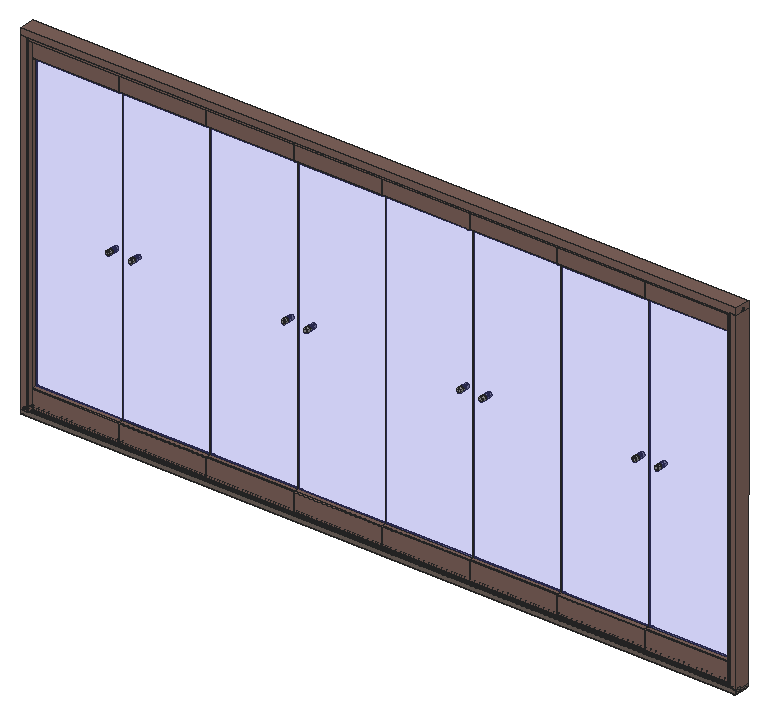
Revit family "FL8L 2385 LH", category Doors, host Wall, Revit 2015 (continued)
Automatic sketch dimensions
  plane 5 to Revolve 27 sketch curve = 1190.5 mm
  Revolve 27 sketch curve to Revolve 27 sketch curve = 0 mm  (x4)
  Revolve 27 sketch curve to Revolve 27 sketch curve = 14 mm
  Revolve 28 sketch curve to host wall = 0 mm
  Revolve 28 sketch curve to host wall = 5 mm
  Revolve 28 sketch curve to Revolve 28 sketch curve = 5 mm
  Revolve 28 sketch curve to Revolve 28 sketch curve = 3 mm
  host wall to Revolve 28 sketch curve = 16 mm
  Revolve 28 sketch curve to Revolve 28 sketch curve = 1 mm  (x2)
  plane 5 to Revolve 28 sketch curve = 1190.5 mm
  Revolve 28 sketch curve to Revolve 28 sketch curve = 0 mm  (x4)
  Revolve 28 sketch curve to Revolve 28 sketch curve = 14 mm
  Revolve 29 sketch curve to host wall = 0 mm
  Revolve 29 sketch curve to host wall = 5 mm
  Revolve 29 sketch curve to Revolve 29 sketch curve = 5 mm
  Revolve 29 sketch curve to Revolve 29 sketch curve = 3 mm
  host wall to Revolve 29 sketch curve = 16 mm
  Revolve 29 sketch curve to Revolve 29 sketch curve = 1 mm  (x2)
  plane 5 to Revolve 29 sketch curve = 1190.5 mm
  Revolve 29 sketch curve to Revolve 29 sketch curve = 0 mm  (x4)
  Revolve 29 sketch curve to Revolve 29 sketch curve = 14 mm
  Revolve 30 sketch curve to host wall = 0 mm
  Revolve 30 sketch curve to host wall = 5 mm
  Revolve 30 sketch curve to Revolve 30 sketch curve = 5 mm
  Revolve 30 sketch curve to Revolve 30 sketch curve = 3 mm
  host wall to Revolve 30 sketch curve = 16 mm
  Revolve 30 sketch curve to Revolve 30 sketch curve = 1 mm  (x2)
  plane 5 to Revolve 30 sketch curve = 1190.5 mm
  Revolve 30 sketch curve to Revolve 30 sketch curve = 0 mm  (x4)
  Revolve 30 sketch curve to Revolve 30 sketch curve = 14 mm
  host wall to Extrusion 31 sketch curve = 20.5 mm  (x2)
  Extrusion 31 sketch curve to Extrusion 31 sketch curve = 5 mm  (x5)
  Extrusion 31 sketch curve to host wall = 13 mm  (x2)
  Extrusion 31 sketch curve to host wall = 24.5 mm
  Extrusion 31 sketch curve to Extrusion 31 sketch curve = 11.5 mm
  level to Extrusion 31 sketch curve = 24 mm
  Extrusion 31 sketch curve to Extrusion 31 sketch curve = 13 mm
  Extrusion 31 sketch curve to Extrusion 31 sketch curve = 75 mm
  Extrusion 31 sketch curve to Extrusion 31 sketch curve = 45 mm
  plane 5 to Extrusion 31 sketch curve = 188 mm
  Extrusion 31 sketch curve to Extrusion 31 sketch curve = 50 mm
  plane 5 to Extrusion 31 sketch curve = 50 mm
  Extrusion 32 sketch curve to plane 12 = 0 mm
  Extrusion 32 sketch curve to plane 11 = 0 mm
  level to Extrusion 32 sketch curve = 112 mm
  plane 5 to Extrusion 32 sketch curve = 138 mm
  Extrusion 33 sketch curve to host wall = 23 mm  (x2)
  Extrusion 33 sketch curve to Extrusion 33 sketch curve = 1.5 mm  (x2)
  level to Extrusion 33 sketch curve = 112 mm
  Extrusion 33 sketch curve to Extrusion 33 sketch curve = 50 mm  (x2)
  plane 5 to Extrusion 33 sketch curve = 188 mm
  Revolve 34 sketch curve to host wall = 24.5 mm
  Revolve 34 sketch curve to Revolve 34 sketch curve = 5 mm
  Revolve 34 sketch curve to Revolve 34 sketch curve = 2 mm  (x2)
  level to Revolve 34 sketch curve = 141.5 mm
  Revolve 34 sketch curve to Revolve 34 sketch curve = 8.5 mm
  Revolve 34 sketch curve to Revolve 34 sketch curve = 6.469 mm
  Revolve 34 sketch curve to Revolve 34 sketch curve = 5.515 mm
  Revolve 34 sketch curve to Revolve 34 sketch curve = 4.5 mm
  Revolve 35 sketch curve to host wall = 24.5 mm
  Revolve 35 sketch curve to Revolve 35 sketch curve = 5 mm
  Revolve 35 sketch curve to Revolve 35 sketch curve = 2 mm  (x2)
  level to Revolve 35 sketch curve = 152 mm
  Revolve 35 sketch curve to Revolve 35 sketch curve = 8.5 mm
  Revolve 35 sketch curve to Revolve 35 sketch curve = 6.469 mm
  Revolve 35 sketch curve to Revolve 35 sketch curve = 5.515 mm
  Revolve 35 sketch curve to Revolve 35 sketch curve = 4.5 mm
  Revolve 36 sketch curve to host wall = 24.5 mm
  Revolve 36 sketch curve to Revolve 36 sketch curve = 5 mm
  Revolve 36 sketch curve to Revolve 36 sketch curve = 2 mm  (x2)
  plane 5 to Revolve 36 sketch curve = 158.5 mm
  Revolve 36 sketch curve to Revolve 36 sketch curve = 8.5 mm
  Revolve 36 sketch curve to Revolve 36 sketch curve = 6.469 mm
  Revolve 36 sketch curve to Revolve 36 sketch curve = 5.515 mm
  Revolve 36 sketch curve to Revolve 36 sketch curve = 4.5 mm
  Revolve 37 sketch curve to host wall = 24.5 mm
  Revolve 37 sketch curve to Revolve 37 sketch curve = 5 mm
  Revolve 37 sketch curve to Revolve 37 sketch curve = 2 mm  (x2)
  plane 5 to Revolve 37 sketch curve = 148 mm
  Revolve 37 sketch curve to Revolve 37 sketch curve = 8.5 mm
  Revolve 37 sketch curve to Revolve 37 sketch curve = 6.469 mm
  Revolve 37 sketch curve to Revolve 37 sketch curve = 5.515 mm
  Revolve 37 sketch curve to Revolve 37 sketch curve = 4.5 mm
  host wall to Extrusion 38 sketch curve = 20.5 mm  (x2)
  Extrusion 38 sketch curve to Extrusion 38 sketch curve = 5 mm  (x5)
  Extrusion 38 sketch curve to host wall = 13 mm  (x2)
  Extrusion 38 sketch curve to host wall = 24.5 mm
  Extrusion 38 sketch curve to Extrusion 38 sketch curve = 11.5 mm
  level to Extrusion 38 sketch curve = 24 mm
  Extrusion 38 sketch curve to Extrusion 38 sketch curve = 13 mm
  Extrusion 38 sketch curve to Extrusion 38 sketch curve = 75 mm
  Extrusion 38 sketch curve to Extrusion 38 sketch curve = 45 mm
  plane 5 to Extrusion 38 sketch curve = 188 mm
  Extrusion 38 sketch curve to Extrusion 38 sketch curve = 50 mm
  plane 5 to Extrusion 38 sketch curve = 50 mm
  Extrusion 39 sketch curve to plane 14 = 0 mm
  Extrusion 39 sketch curve to plane 13 = 0 mm
  level to Extrusion 39 sketch curve = 112 mm
  plane 5 to Extrusion 39 sketch curve = 138 mm
  Extrusion 40 sketch curve to host wall = 23 mm  (x2)
  Extrusion 40 sketch curve to Extrusion 40 sketch curve = 1.5 mm  (x2)
  level to Extrusion 40 sketch curve = 112 mm
  Extrusion 40 sketch curve to Extrusion 40 sketch curve = 50 mm  (x2)
  plane 5 to Extrusion 40 sketch curve = 188 mm
  Revolve 41 sketch curve to host wall = 24.5 mm
  Revolve 41 sketch curve to Revolve 41 sketch curve = 5 mm
  Revolve 41 sketch curve to Revolve 41 sketch curve = 2 mm  (x2)
  level to Revolve 41 sketch curve = 141.5 mm
  Revolve 41 sketch curve to Revolve 41 sketch curve = 8.5 mm
  Revolve 41 sketch curve to Revolve 41 sketch curve = 6.469 mm
  Revolve 41 sketch curve to Revolve 41 sketch curve = 5.515 mm
  Revolve 41 sketch curve to Revolve 41 sketch curve = 4.5 mm
  Revolve 42 sketch curve to host wall = 24.5 mm
  Revolve 42 sketch curve to Revolve 42 sketch curve = 5 mm
  Revolve 42 sketch curve to Revolve 42 sketch curve = 2 mm  (x2)
  level to Revolve 42 sketch curve = 152 mm
  Revolve 42 sketch curve to Revolve 42 sketch curve = 8.5 mm
  Revolve 42 sketch curve to Revolve 42 sketch curve = 6.469 mm
  Revolve 42 sketch curve to Revolve 42 sketch curve = 5.515 mm
  Revolve 42 sketch curve to Revolve 42 sketch curve = 4.5 mm
  Revolve 43 sketch curve to host wall = 24.5 mm
  Revolve 43 sketch curve to Revolve 43 sketch curve = 5 mm
  Revolve 43 sketch curve to Revolve 43 sketch curve = 2 mm  (x2)
  plane 5 to Revolve 43 sketch curve = 158.5 mm
  Revolve 43 sketch curve to Revolve 43 sketch curve = 8.5 mm
  Revolve 43 sketch curve to Revolve 43 sketch curve = 6.469 mm
  Revolve 43 sketch curve to Revolve 43 sketch curve = 5.515 mm
  Revolve 43 sketch curve to Revolve 43 sketch curve = 4.5 mm
  Revolve 44 sketch curve to host wall = 24.5 mm
  Revolve 44 sketch curve to Revolve 44 sketch curve = 5 mm
  Revolve 44 sketch curve to Revolve 44 sketch curve = 2 mm  (x2)
  plane 5 to Revolve 44 sketch curve = 148 mm
  Revolve 44 sketch curve to Revolve 44 sketch curve = 8.5 mm
  Revolve 44 sketch curve to Revolve 44 sketch curve = 6.469 mm
  Revolve 44 sketch curve to Revolve 44 sketch curve = 5.515 mm
  Revolve 44 sketch curve to Revolve 44 sketch curve = 4.5 mm
  host wall to Extrusion 45 sketch curve = 20.5 mm  (x2)
  Extrusion 45 sketch curve to Extrusion 45 sketch curve = 5 mm  (x5)
  Extrusion 45 sketch curve to host wall = 13 mm  (x2)
  Extrusion 45 sketch curve to host wall = 24.5 mm
  Extrusion 45 sketch curve to Extrusion 45 sketch curve = 11.5 mm
  level to Extrusion 45 sketch curve = 24 mm
  Extrusion 45 sketch curve to Extrusion 45 sketch curve = 13 mm
  Extrusion 45 sketch curve to Extrusion 45 sketch curve = 75 mm
  Extrusion 45 sketch curve to Extrusion 45 sketch curve = 45 mm
  plane 5 to Extrusion 45 sketch curve = 188 mm
  Extrusion 45 sketch curve to Extrusion 45 sketch curve = 50 mm
  plane 5 to Extrusion 45 sketch curve = 50 mm
  Extrusion 46 sketch curve to plane 16 = 0 mm
  Extrusion 46 sketch curve to plane 15 = 0 mm
  level to Extrusion 46 sketch curve = 112 mm
  plane 5 to Extrusion 46 sketch curve = 138 mm
  Extrusion 47 sketch curve to host wall = 23 mm  (x2)
  Extrusion 47 sketch curve to Extrusion 47 sketch curve = 1.5 mm  (x2)
  level to Extrusion 47 sketch curve = 112 mm
  Extrusion 47 sketch curve to Extrusion 47 sketch curve = 50 mm  (x2)
  plane 5 to Extrusion 47 sketch curve = 188 mm
  Revolve 48 sketch curve to host wall = 24.5 mm
  Revolve 48 sketch curve to Revolve 48 sketch curve = 5 mm
  Revolve 48 sketch curve to Revolve 48 sketch curve = 2 mm  (x2)
  level to Revolve 48 sketch curve = 141.5 mm
  Revolve 48 sketch curve to Revolve 48 sketch curve = 8.5 mm
  Revolve 48 sketch curve to Revolve 48 sketch curve = 6.469 mm
  Revolve 48 sketch curve to Revolve 48 sketch curve = 5.515 mm
  Revolve 48 sketch curve to Revolve 48 sketch curve = 4.5 mm
  Revolve 49 sketch curve to host wall = 24.5 mm
  Revolve 49 sketch curve to Revolve 49 sketch curve = 5 mm
  Revolve 49 sketch curve to Revolve 49 sketch curve = 2 mm  (x2)
  level to Revolve 49 sketch curve = 152 mm
  Revolve 49 sketch curve to Revolve 49 sketch curve = 8.5 mm
  Revolve 49 sketch curve to Revolve 49 sketch curve = 6.469 mm
  Revolve 49 sketch curve to Revolve 49 sketch curve = 5.515 mm
  Revolve 49 sketch curve to Revolve 49 sketch curve = 4.5 mm
  Revolve 50 sketch curve to host wall = 24.5 mm
  Revolve 50 sketch curve to Revolve 50 sketch curve = 5 mm
  Revolve 50 sketch curve to Revolve 50 sketch curve = 2 mm  (x2)
  plane 5 to Revolve 50 sketch curve = 158.5 mm
  Revolve 50 sketch curve to Revolve 50 sketch curve = 8.5 mm
  Revolve 50 sketch curve to Revolve 50 sketch curve = 6.469 mm
  Revolve 50 sketch curve to Revolve 50 sketch curve = 5.515 mm
  Revolve 50 sketch curve to Revolve 50 sketch curve = 4.5 mm
  Revolve 51 sketch curve to host wall = 24.5 mm
  Revolve 51 sketch curve to Revolve 51 sketch curve = 5 mm
  Revolve 51 sketch curve to Revolve 51 sketch curve = 2 mm  (x2)
  plane 5 to Revolve 51 sketch curve = 148 mm
  Revolve 51 sketch curve to Revolve 51 sketch curve = 8.5 mm
  Revolve 51 sketch curve to Revolve 51 sketch curve = 6.469 mm
  Revolve 51 sketch curve to Revolve 51 sketch curve = 5.515 mm
  Revolve 51 sketch curve to Revolve 51 sketch curve = 4.5 mm
  host wall to Extrusion 52 sketch curve = 20.5 mm  (x2)
  Extrusion 52 sketch curve to Extrusion 52 sketch curve = 5 mm  (x5)
  Extrusion 52 sketch curve to host wall = 13 mm  (x2)
  Extrusion 52 sketch curve to host wall = 24.5 mm
  Extrusion 52 sketch curve to Extrusion 52 sketch curve = 11.5 mm
  level to Extrusion 52 sketch curve = 24 mm
  Extrusion 52 sketch curve to Extrusion 52 sketch curve = 13 mm
  Extrusion 52 sketch curve to Extrusion 52 sketch curve = 75 mm
  Extrusion 52 sketch curve to Extrusion 52 sketch curve = 45 mm
  plane 5 to Extrusion 52 sketch curve = 188 mm
  Extrusion 52 sketch curve to Extrusion 52 sketch curve = 50 mm
  plane 5 to Extrusion 52 sketch curve = 50 mm
  Extrusion 53 sketch curve to plane 18 = 0 mm
  Extrusion 53 sketch curve to plane 17 = 0 mm
  level to Extrusion 53 sketch curve = 112 mm
  plane 5 to Extrusion 53 sketch curve = 138 mm
  Extrusion 54 sketch curve to host wall = 23 mm  (x2)
  Extrusion 54 sketch curve to Extrusion 54 sketch curve = 1.5 mm  (x2)
  level to Extrusion 54 sketch curve = 112 mm
  Extrusion 54 sketch curve to Extrusion 54 sketch curve = 50 mm  (x2)
  plane 5 to Extrusion 54 sketch curve = 188 mm
  Revolve 55 sketch curve to host wall = 24.5 mm
  Revolve 55 sketch curve to Revolve 55 sketch curve = 5 mm
  Revolve 55 sketch curve to Revolve 55 sketch curve = 2 mm  (x2)
  level to Revolve 55 sketch curve = 141.5 mm
  Revolve 55 sketch curve to Revolve 55 sketch curve = 8.5 mm
  Revolve 55 sketch curve to Revolve 55 sketch curve = 6.469 mm
  Revolve 55 sketch curve to Revolve 55 sketch curve = 5.515 mm
  Revolve 55 sketch curve to Revolve 55 sketch curve = 4.5 mm
  Revolve 56 sketch curve to host wall = 24.5 mm
  Revolve 56 sketch curve to Revolve 56 sketch curve = 5 mm
  Revolve 56 sketch curve to Revolve 56 sketch curve = 2 mm  (x2)
  level to Revolve 56 sketch curve = 152 mm
  Revolve 56 sketch curve to Revolve 56 sketch curve = 8.5 mm
  Revolve 56 sketch curve to Revolve 56 sketch curve = 6.469 mm
  Revolve 56 sketch curve to Revolve 56 sketch curve = 5.515 mm
  Revolve 56 sketch curve to Revolve 56 sketch curve = 4.5 mm
  Revolve 57 sketch curve to host wall = 24.5 mm
  Revolve 57 sketch curve to Revolve 57 sketch curve = 5 mm
  Revolve 57 sketch curve to Revolve 57 sketch curve = 2 mm  (x2)
  plane 5 to Revolve 57 sketch curve = 158.5 mm
  Revolve 57 sketch curve to Revolve 57 sketch curve = 8.5 mm
  Revolve 57 sketch curve to Revolve 57 sketch curve = 6.469 mm
  Revolve 57 sketch curve to Revolve 57 sketch curve = 5.515 mm
  Revolve 57 sketch curve to Revolve 57 sketch curve = 4.5 mm
  Revolve 58 sketch curve to host wall = 24.5 mm
  Revolve 58 sketch curve to Revolve 58 sketch curve = 5 mm
  Revolve 58 sketch curve to Revolve 58 sketch curve = 2 mm  (x2)
  plane 5 to Revolve 58 sketch curve = 148 mm
  Revolve 58 sketch curve to Revolve 58 sketch curve = 8.5 mm
  Revolve 58 sketch curve to Revolve 58 sketch curve = 6.469 mm
  Revolve 58 sketch curve to Revolve 58 sketch curve = 5.515 mm
  Revolve 58 sketch curve to Revolve 58 sketch curve = 4.5 mm
  host wall to Extrusion 59 sketch curve = 20.5 mm  (x2)
  Extrusion 59 sketch curve to Extrusion 59 sketch curve = 5 mm  (x5)
  Extrusion 59 sketch curve to host wall = 13 mm  (x2)
  Extrusion 59 sketch curve to host wall = 24.5 mm
  Extrusion 59 sketch curve to Extrusion 59 sketch curve = 11.5 mm
  level to Extrusion 59 sketch curve = 24 mm
  Extrusion 59 sketch curve to Extrusion 59 sketch curve = 13 mm
  Extrusion 59 sketch curve to Extrusion 59 sketch curve = 75 mm
  Extrusion 59 sketch curve to Extrusion 59 sketch curve = 45 mm
  plane 5 to Extrusion 59 sketch curve = 188 mm
  Extrusion 59 sketch curve to Extrusion 59 sketch curve = 50 mm
  plane 5 to Extrusion 59 sketch curve = 50 mm
  Extrusion 60 sketch curve to plane 20 = 0 mm
  Extrusion 60 sketch curve to plane 19 = 0 mm
  level to Extrusion 60 sketch curve = 112 mm
  plane 5 to Extrusion 60 sketch curve = 138 mm
  Extrusion 61 sketch curve to host wall = 23 mm  (x2)
  Extrusion 61 sketch curve to Extrusion 61 sketch curve = 1.5 mm  (x2)
  level to Extrusion 61 sketch curve = 112 mm
  Extrusion 61 sketch curve to Extrusion 61 sketch curve = 50 mm  (x2)
  plane 5 to Extrusion 61 sketch curve = 188 mm
  Revolve 62 sketch curve to host wall = 24.5 mm
  Revolve 62 sketch curve to Revolve 62 sketch curve = 5 mm
  Revolve 62 sketch curve to Revolve 62 sketch curve = 2 mm  (x2)
  level to Revolve 62 sketch curve = 141.5 mm
  Revolve 62 sketch curve to Revolve 62 sketch curve = 8.5 mm
  Revolve 62 sketch curve to Revolve 62 sketch curve = 6.469 mm
  Revolve 62 sketch curve to Revolve 62 sketch curve = 5.515 mm
  Revolve 62 sketch curve to Revolve 62 sketch curve = 4.5 mm
  Revolve 63 sketch curve to host wall = 24.5 mm
  Revolve 63 sketch curve to Revolve 63 sketch curve = 5 mm
  Revolve 63 sketch curve to Revolve 63 sketch curve = 2 mm  (x2)
  level to Revolve 63 sketch curve = 152 mm
  Revolve 63 sketch curve to Revolve 63 sketch curve = 8.5 mm
  Revolve 63 sketch curve to Revolve 63 sketch curve = 6.469 mm
  Revolve 63 sketch curve to Revolve 63 sketch curve = 5.515 mm
  Revolve 63 sketch curve to Revolve 63 sketch curve = 4.5 mm
  Revolve 64 sketch curve to host wall = 24.5 mm
  Revolve 64 sketch curve to Revolve 64 sketch curve = 5 mm
  Revolve 64 sketch curve to Revolve 64 sketch curve = 2 mm  (x2)
  plane 5 to Revolve 64 sketch curve = 158.5 mm
  Revolve 64 sketch curve to Revolve 64 sketch curve = 8.5 mm
  Revolve 64 sketch curve to Revolve 64 sketch curve = 6.469 mm
  Revolve 64 sketch curve to Revolve 64 sketch curve = 5.515 mm
  Revolve 64 sketch curve to Revolve 64 sketch curve = 4.5 mm
  Revolve 65 sketch curve to host wall = 24.5 mm
  Revolve 65 sketch curve to Revolve 65 sketch curve = 5 mm
  Revolve 65 sketch curve to Revolve 65 sketch curve = 2 mm  (x2)
  plane 5 to Revolve 65 sketch curve = 148 mm
  Revolve 65 sketch curve to Revolve 65 sketch curve = 8.5 mm
  Revolve 65 sketch curve to Revolve 65 sketch curve = 6.469 mm
  Revolve 65 sketch curve to Revolve 65 sketch curve = 5.515 mm
  Revolve 65 sketch curve to Revolve 65 sketch curve = 4.5 mm
  host wall to Extrusion 66 sketch curve = 20.5 mm  (x2)
  Extrusion 66 sketch curve to Extrusion 66 sketch curve = 5 mm  (x5)
  Extrusion 66 sketch curve to host wall = 13 mm  (x2)
  Extrusion 66 sketch curve to host wall = 24.5 mm
  Extrusion 66 sketch curve to Extrusion 66 sketch curve = 11.5 mm
  level to Extrusion 66 sketch curve = 24 mm
  Extrusion 66 sketch curve to Extrusion 66 sketch curve = 13 mm
  Extrusion 66 sketch curve to Extrusion 66 sketch curve = 75 mm
  Extrusion 66 sketch curve to Extrusion 66 sketch curve = 45 mm
  plane 5 to Extrusion 66 sketch curve = 188 mm
  Extrusion 66 sketch curve to Extrusion 66 sketch curve = 50 mm
  plane 5 to Extrusion 66 sketch curve = 50 mm
  Extrusion 67 sketch curve to plane 22 = 0 mm
  Extrusion 67 sketch curve to plane 21 = 0 mm
  level to Extrusion 67 sketch curve = 112 mm
  plane 5 to Extrusion 67 sketch curve = 138 mm
  Extrusion 68 sketch curve to host wall = 23 mm  (x2)
  Extrusion 68 sketch curve to Extrusion 68 sketch curve = 1.5 mm  (x2)
  level to Extrusion 68 sketch curve = 112 mm
  Extrusion 68 sketch curve to Extrusion 68 sketch curve = 50 mm  (x2)
  plane 5 to Extrusion 68 sketch curve = 188 mm
  Revolve 69 sketch curve to host wall = 24.5 mm
  Revolve 69 sketch curve to Revolve 69 sketch curve = 5 mm
  Revolve 69 sketch curve to Revolve 69 sketch curve = 2 mm  (x2)
  level to Revolve 69 sketch curve = 141.5 mm
  Revolve 69 sketch curve to Revolve 69 sketch curve = 8.5 mm
  Revolve 69 sketch curve to Revolve 69 sketch curve = 6.469 mm
  Revolve 69 sketch curve to Revolve 69 sketch curve = 5.515 mm
  Revolve 69 sketch curve to Revolve 69 sketch curve = 4.5 mm
  Revolve 70 sketch curve to host wall = 24.5 mm
  Revolve 70 sketch curve to Revolve 70 sketch curve = 5 mm
  Revolve 70 sketch curve to Revolve 70 sketch curve = 2 mm  (x2)
  level to Revolve 70 sketch curve = 152 mm
  Revolve 70 sketch curve to Revolve 70 sketch curve = 8.5 mm
  Revolve 70 sketch curve to Revolve 70 sketch curve = 6.469 mm
  Revolve 70 sketch curve to Revolve 70 sketch curve = 5.515 mm
  Revolve 70 sketch curve to Revolve 70 sketch curve = 4.5 mm
  Revolve 71 sketch curve to host wall = 24.5 mm
  Revolve 71 sketch curve to Revolve 71 sketch curve = 5 mm
  Revolve 71 sketch curve to Revolve 71 sketch curve = 2 mm  (x2)
  plane 5 to Revolve 71 sketch curve = 158.5 mm
  Revolve 71 sketch curve to Revolve 71 sketch curve = 8.5 mm
  Revolve 71 sketch curve to Revolve 71 sketch curve = 6.469 mm
  Revolve 71 sketch curve to Revolve 71 sketch curve = 5.515 mm
  Revolve 71 sketch curve to Revolve 71 sketch curve = 4.5 mm
  Revolve 72 sketch curve to host wall = 24.5 mm
  Revolve 72 sketch curve to Revolve 72 sketch curve = 5 mm
  Revolve 72 sketch curve to Revolve 72 sketch curve = 2 mm  (x2)
  plane 5 to Revolve 72 sketch curve = 148 mm
  Revolve 72 sketch curve to Revolve 72 sketch curve = 8.5 mm
  Revolve 72 sketch curve to Revolve 72 sketch curve = 6.469 mm
  Revolve 72 sketch curve to Revolve 72 sketch curve = 5.515 mm
  Revolve 72 sketch curve to Revolve 72 sketch curve = 4.5 mm
  host wall to Extrusion 73 sketch curve = 20.5 mm  (x2)
  Extrusion 73 sketch curve to Extrusion 73 sketch curve = 5 mm  (x5)
  Extrusion 73 sketch curve to host wall = 13 mm  (x2)
  Extrusion 73 sketch curve to host wall = 24.5 mm
  Extrusion 73 sketch curve to Extrusion 73 sketch curve = 11.5 mm
  level to Extrusion 73 sketch curve = 24 mm
  Extrusion 73 sketch curve to Extrusion 73 sketch curve = 13 mm
  Extrusion 73 sketch curve to Extrusion 73 sketch curve = 75 mm
  Extrusion 73 sketch curve to Extrusion 73 sketch curve = 45 mm
  plane 5 to Extrusion 73 sketch curve = 188 mm
  Extrusion 73 sketch curve to Extrusion 73 sketch curve = 50 mm
  plane 5 to Extrusion 73 sketch curve = 50 mm
  Extrusion 74 sketch curve to plane 24 = 0 mm
  Extrusion 74 sketch curve to plane 23 = 0 mm
  level to Extrusion 74 sketch curve = 112 mm
  plane 5 to Extrusion 74 sketch curve = 138 mm
  Extrusion 75 sketch curve to host wall = 23 mm  (x2)
  Extrusion 75 sketch curve to Extrusion 75 sketch curve = 1.5 mm  (x2)
  level to Extrusion 75 sketch curve = 112 mm
  Extrusion 75 sketch curve to Extrusion 75 sketch curve = 50 mm  (x2)
  plane 5 to Extrusion 75 sketch curve = 188 mm
  Revolve 76 sketch curve to host wall = 24.5 mm
  Revolve 76 sketch curve to Revolve 76 sketch curve = 5 mm
  Revolve 76 sketch curve to Revolve 76 sketch curve = 2 mm  (x2)
  level to Revolve 76 sketch curve = 141.5 mm
  Revolve 76 sketch curve to Revolve 76 sketch curve = 8.5 mm
  Revolve 76 sketch curve to Revolve 76 sketch curve = 6.469 mm
  Revolve 76 sketch curve to Revolve 76 sketch curve = 5.515 mm
  Revolve 76 sketch curve to Revolve 76 sketch curve = 4.5 mm
  Revolve 77 sketch curve to host wall = 24.5 mm
  Revolve 77 sketch curve to Revolve 77 sketch curve = 5 mm
  Revolve 77 sketch curve to Revolve 77 sketch curve = 2 mm  (x2)
  level to Revolve 77 sketch curve = 152 mm
  Revolve 77 sketch curve to Revolve 77 sketch curve = 8.5 mm
  Revolve 77 sketch curve to Revolve 77 sketch curve = 6.469 mm
  Revolve 77 sketch curve to Revolve 77 sketch curve = 5.515 mm
  Revolve 77 sketch curve to Revolve 77 sketch curve = 4.5 mm
  Revolve 78 sketch curve to host wall = 24.5 mm
  Revolve 78 sketch curve to Revolve 78 sketch curve = 5 mm
  Revolve 78 sketch curve to Revolve 78 sketch curve = 2 mm  (x2)
  plane 5 to Revolve 78 sketch curve = 158.5 mm
  Revolve 78 sketch curve to Revolve 78 sketch curve = 8.5 mm
  Revolve 78 sketch curve to Revolve 78 sketch curve = 6.469 mm
  Revolve 78 sketch curve to Revolve 78 sketch curve = 5.515 mm
  Revolve 78 sketch curve to Revolve 78 sketch curve = 4.5 mm
  Revolve 79 sketch curve to host wall = 24.5 mm
  Revolve 79 sketch curve to Revolve 79 sketch curve = 5 mm
  Revolve 79 sketch curve to Revolve 79 sketch curve = 2 mm  (x2)
  plane 5 to Revolve 79 sketch curve = 148 mm
  Revolve 79 sketch curve to Revolve 79 sketch curve = 8.5 mm
  Revolve 79 sketch curve to Revolve 79 sketch curve = 6.469 mm
  Revolve 79 sketch curve to Revolve 79 sketch curve = 5.515 mm
  Revolve 79 sketch curve to Revolve 79 sketch curve = 4.5 mm
  curve 42 to plane 24 = 0 mm
  curve 41 to host wall = 24.5 mm
  plane 24 to curve 44 = 42.286 mm
  curve 43 to curve 45 = 42.286 mm
  curve 47 to host wall = 24.5 mm
  curve 45 to host wall = 35.717 mm
  curve 50 to host wall = 24.5 mm
  curve 48 to curve 50 = 42.286 mm
  curve 54 to curve 53 = 42.286 mm
  curve 54 to host wall = 24.5 mm
  curve 51 to host wall = 35.717 mm
  curve 52 to host wall = 24.5 mm
  curve 51 to plane 21 = 7.91 mm
  plane 20 to curve 52 = 30.376 mm
  curve 40 to curve 40 = 42.286 mm
  plane 10 to curve 41 = 64.275 mm
  curve 36 to host wall = 35.717 mm
  curve 38 to host wall = 24.5 mm
  curve 36 to curve 38 = 42.286 mm
  curve 35 to plane 9 = 40.286 mm
  plane 9 to curve 33 = 2 mm
  curve 44 to host wall = 24.5 mm
  curve 35 to host wall = 24.5 mm
  curve 42 to host wall = 35.109 mm
  curve 33 to host wall = 35.109 mm
  curve 54 to curve 55 = 0 mm
  curve 40 to curve 34 = 0 mm
  curve 43 to curve 54 = 0 mm
  curve 54 to curve 48 = 15.391 mm
  curve 34 to curve 37 = 15.391 mm
  curve 43 to curve 46 = 15.391 mm
  curve 52 to curve 51 = 15.391 mm
  curve 40 to curve 39 = 15.391 mm
  curve 43 to curve 43 = 15.391 mm
  curve 37 to curve 34 = 15.391 mm
  curve 54 to curve 53 = 15.391 mm
